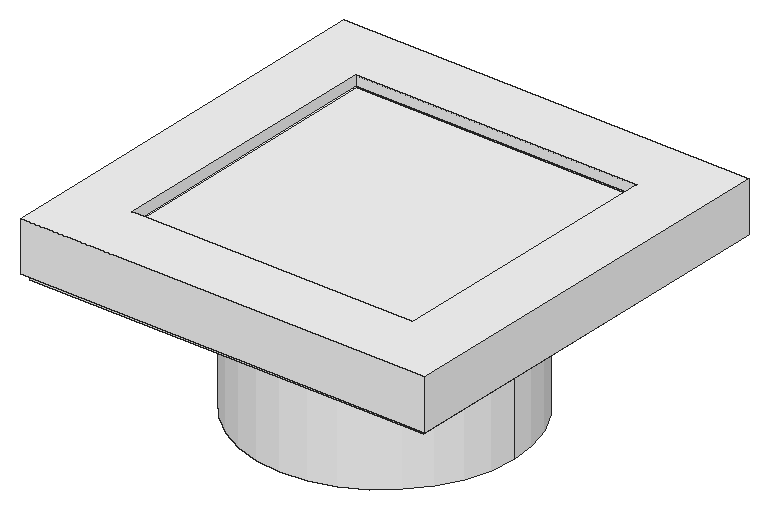
Revit family "Gira_0127005", category Electrical Fixtures, host Face, Revit 2017
Family settings
  Host = Face
  Maintain Annotation Orientation = Yes
  Round Connector Dimension = Use Diameter
  Part Type = Normal
  Cut with Voids When Loaded = No
  Shared = No
  Room Calculation Point = No
Parameters (values of type "PB sw. interm.sw. System 55 black m")
  White [instance] = White
  URL = "http://katalog.gira.de/en/datenblatt.html?artikelnr=0127005"
  Name = "PB sw. interm.sw. System 55 black m"
  Model = "Sys55_Komplettgerät_Schalten und Tasten"
  Manufacturer URL = "https://www.gira.de/"
  Manufacturer = "Gira"
  Label space/information surface = "No"
  HeinzeBIM = "https://bimportal.heinze.de/bim/pb-sw-interm-sw-system-55-black-m/7bf5ad650cb746e9be9a2aa92e092958bcac4064"
  HAN = "0127005"
  GTIN = "4010337037989"
  Description = "PB sw.interm.sw. Sys55 BKm,Pushbutton switch 10 AX 250 V~ with rocker,Intermediate switch,black matt,"
  Default Elevation = 1219.2 mm
  Data sheet (1) = "https://katalog.gira.de/en/download.html?artikelnr=0127005"
  Category = "Switch"
  BIM (1) = "https://media.stage.bim.site/public/gira/36a6b08/Sys55_Komplettgerät_Schalten und Tasten.rfa?public/gira/36a6b08/Sys55_Komplettgerät_Schalten und Tasten.rfa"
  Available = "No"
Reference planes
  plane 1 "Center (Front/Back)": y = 0
  plane 2: z = 0
  plane 3 "Center (Left/Right)": x = 0
Forms (mm)
  Extrusion 1, solid, material "White" <- "White", detail levels medium
    sketch origin (0, 0, 0) x (1, 0, 0) y (0, 1, 0)
      loop
        line (-40.4, 40.4) -> (-40.4, -40.4) -> (40.4, -40.4) -> (40.4, 40.4) -> (-40.4, 40.4)
      loop
        line (-28, 28) -> (-28, -28) -> (28, -28) -> (28, 28) -> (-28, 28)
    from 0 to 10
  Extrusion 2, solid, material "White" <- "White", detail levels fine
    sketch origin (0, 0, 0) x (1, 0, 0) y (0, 1, 0)
      loop
        line (-40.4, 40.4) -> (-40.4, -40.4) -> (40.4, -40.4) -> (40.4, 40.4) -> (-40.4, 40.4)
      loop
        line (-28, 28) -> (-28, -28) -> (28, -28) -> (28, 28) -> (-28, 28)
    from 0 to 10
  Extrusion 3, void
    sketch origin (0, 0, 0) x (1, 0, 0) y (0, 1, 0)
      loop
        line (-38.4, 38.4) -> (-38.4, -38.4) -> (38.4, -38.4) -> (38.4, 38.4) -> (-38.4, 38.4)
    from 0 to 8
  Extrusion 4, solid, material "White" <- "White", detail levels medium+fine
    sketch origin (0, 0, 0) x (1, 0, 0) y (0, 1, 0)
      loop
        line (-39.4, 39.4) -> (-39.4, -39.4) -> (39.4, -39.4) -> (39.4, 39.4) -> (-39.4, 39.4)
    from 0 to -1
  Extrusion 5, solid, material "White" <- "White", detail levels medium+fine
    sketch origin (0, 0, 0) x (1, 0, 0) y (0, 1, 0)
      loop
        line (-35.5, 35.5) -> (-35.5, -35.5) -> (35.5, -35.5) -> (35.5, 35.5) -> (-35.5, 35.5)
    from -2 to -3
  Extrusion 6, solid, material "White" <- "White", detail levels medium+fine
    sketch origin (0, 0, 0) x (1, 0, 0) y (0, 1, 0)
      loop
        circle (0, 0) r 26
    from 0 to -27.5
  Extrusion 7, solid, material "White" <- "White", detail levels coarse
    sketch origin (0, 0, 0) x (1, 0, 0) y (0, 1, 0)
      loop
        line (-40.4, 40.4) -> (-40.4, -40.4) -> (40.4, -40.4) -> (40.4, 40.4) -> (-40.4, 40.4)
    from -27.5 to 10
Cuts and joins
  Extrusion 3 cuts Extrusion 2
Dimensions and locks
  aligned and locked: plane 2 to host face
  aligned and locked: level to host face
  aligned and locked: plane 3 "Center (Left/Right)" to nested 2
  aligned and locked: plane 1 "Center (Front/Back)" to nested 2
Nested families
  nested 1: "Sys55_Abdeckung_Schalten und Tasten_floor_base" at (0, 0, 0), type "Sys55_Abdeckung_Schalten und Tasten_floor_base"
  nested 2: "Schalter" at (0, 0, 0), type "Schalter"
Connectors
  electrical at (0, 0, -27.5)
    settings: on Extrusion 6, index 1, voltage 220 V, apparent load 0 VA, apparent load phase1 0 VA, apparent load phase2 0 VA, apparent load phase3 0 VA, power factor 1, load classification "Other", number of poles 1, system type 30, power factor state 1, is connector primary yes, connector utility no, sub classification motor no, connector description ""
Definition of nested family "Sys55_Abdeckung_Schalten und Tasten_floor_base"
  Parameters
    Default Elevation = 1219.2 mm
    White [instance] = none
  Reference planes
    plane 1 "Center (Front/Back)": y = 0
    plane 2: z = 0
    plane 3 "Center (Left/Right)": x = 0
  Forms (mm)
    Extrusion 1, solid
      sketch origin (0, 0, 0) x (1, 0, 0) y (0, 1, 0)
        loop
          line (-1219.2, 1219.2) -> (-1219.2, -1219.2) -> (1219.2, -1219.2) -> (1219.2, 1219.2) -> (-1219.2, 1219.2)
      from 0 to -304.8
    Extrusion 2, solid, material <- "White", detail levels fine
      sketch origin (0, 0, 0) x (1, 0, 0) y (0, 1, 0)
        loop
          line (-27.5, 27.5) -> (-27.5, -27.5) -> (27.5, -27.5) -> (27.5, 27.5) -> (-27.5, 27.5)
      from 0 to 8
    Extrusion 3, void
      sketch origin (0, 0, 0) x (1, 0, 0) y (0, 1, 0)
        loop
          line (26, 26) -> (-26, 26) -> (-26, -26) -> (26, -26) -> (26, 26)
      from 0 to 6
    Extrusion 4, solid, material <- "White", detail levels medium
      sketch origin (0, 0, 0) x (1, 0, 0) y (0, 1, 0)
        loop
          line (-27.5, 27.5) -> (-27.5, -27.5) -> (27.5, -27.5) -> (27.5, 27.5) -> (-27.5, 27.5)
      from 0 to 8
    Extrusion 5, solid, material <- "White", detail levels medium
      sketch origin (0, 0, 0) x (1, 0, 0) y (0, 1, 0)
        loop
          line (11, -17.5) -> (11, 17.5) -> (-11, 17.5) -> (-11, -17.5) -> (11, -17.5)
      from -6 to 6
    Extrusion 6, solid, material <- "White", detail levels fine
      sketch origin (0, 0, 0) x (1, 0, 0) y (0, 1, 0)
        loop
          line (11, 17.5) -> (-11, 17.5) -> (-11, 16.5) -> (11, 16.5) -> (11, 17.5)
        loop
          line (-11, -16.5) -> (-11, -17.5) -> (11, -17.5) -> (11, -16.5) -> (-11, -16.5)
      from -4 to 6
    Extrusion 7, solid, material <- "White", detail levels fine
      sketch origin (0, 0, 0) x (1, 0, 0) y (0, 1, 0)
        loop
          arc (5, 9.347) -> (0, 10.6) -> (-5, 9.347) r 10.6
          line (-5, 9.347) -> (-5, -9.347)
          arc (-5, -9.347) -> (0, -10.6) -> (5, -9.347) r 10.6
          line (5, -9.347) -> (5, 9.347)
      from -6 to 6
    Extrusion 8, solid, material <- "White", detail levels coarse
      sketch origin (0, 0, 0) x (1, 0, 0) y (0, 1, 0)
        loop
          line (-27.5, 27.5) -> (-27.5, -27.5) -> (27.5, -27.5) -> (27.5, 27.5) -> (-27.5, 27.5)
      from -6 to 8
  Cuts and joins
    Extrusion 3 cuts Extrusion 2
  Dimensions and locks
    aligned and locked: plane 2 to Extrusion 1
    aligned and locked: level to Extrusion 1
Definition of nested family "Schalter"
  Reference planes
    plane 1: y = 0
    plane 2: x = 0
  Lines and regions (mm)
    detail lines
      curve 1: circle (1.375, 2.778, 0) r 0.8 normal (0, 0, 1)
      curve 2: line (1.021, 2.061, 0) -> (0, 0, 0)
      curve 3: line (0, 0, 0) -> (-0.538, 0.266, 0)
  Dimensions and locks
    curve 2 to curve 2 = 2.3 mm
    curve 3 to curve 2 = 0.6 mm
    radius of curve 1 = 0.8 mm
